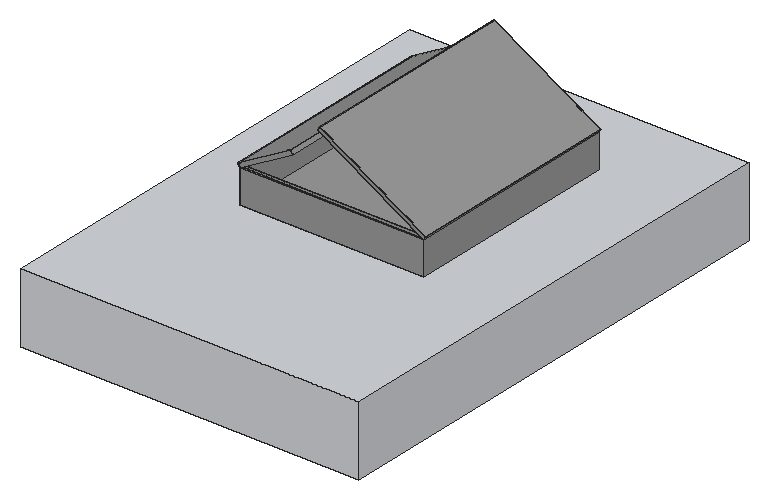
Revit family "Hager-Univers-IP44-D161-Cl.II-FWB-encl--AT-de", category Equipement électrique, Revit 2020 (continued)
Types (21, lengths in mm): name | Width Control | Thickness Door | Min Depth | Height Control | HG000010 - Asymmetrische Türen | HG000009 - Doppelflügeligen Tür | HG000004 - Herstellerreferenz | EF009554 - Anzahl der Öffnungen für Flanschplatten | EF009212 - Ausführung Deckel | EF009171 - Materialstärke Tür/Deckel | EF009170 - Materialstärke Gehäuse | EF004464 - Art der Tür | EF004427 - Anzahl der Module | EF001131 - Innentiefe | EF000437 - Anzahl der Leitungseinführungen | EF000339 - Art der Abdeckung | EF000266 - Anzahl der Reihen | EF000118 - Mit Montageplatte | EF000040 - Höhe | EF000008 - Breite | Door Height | Connector Offset
  Aufputz IP44 B550 H650 T161  - FWB42D | 550 | 1 | 3 | 650 | no | no | "FWB42D" | 4 | "EV000116 - geschlossen" | 1 | 1 | "EV000494 - ohne" | 96 | 160 | 8 | "EV004216 - Tür" | 0 | no | 650 | 550 | 650 | 325
  Aufputz IP44 B550 H800 T161  - FWB52D | 550 | 1 | 3 | 800 | no | no | "FWB52D" | 4 | "EV000116 - geschlossen" | 1 | 1 | "EV000494 - ohne" | 120 | 160 | 8 | "EV004216 - Tür" | 0 | no | 800 | 550 | 800 | 400
  Aufputz IP44 B550 H950 T161  - FWB62D | 550 | 1 | 3 | 950 | no | no | "FWB62D" | 4 | "EV000116 - geschlossen" | 1 | 1 | "EV000494 - ohne" | 144 | 160 | 8 | "EV004216 - Tür" | 0 | no | 950 | 550 | 950 | 475
  Aufputz IP44 B800 H1100 T161  - FWB73D | 800 | 1 | 3 | 1100 | yes | yes | "FWB73D" | 6 | "EV000116 - geschlossen" | 1 | 1 | "EV003602 - Doppel" | 252 | 156 | 12 | "EV004216 - Tür" | 0 | no | 1100 | 800 | 1100 | 550
  Aufputz IP44 B800 H500 T161  - FWB33D | 800 | 1 | 3 | 500 | yes | yes | "FWB33D" | 6 | "EV000116 - geschlossen" | 1 | 1 | "EV000494 - ohne" | 108 | 160 | 12 | "EV004216 - Tür" | 0 | no | 500 | 800 | 500 | 250
  Aufputz IP44 B800 H650 T161  - FWB43D | 800 | 1 | 5 | 650 | yes | yes | "FWB43D" | 6 | "EV009916 - mit Ausschnitt" | 1 | 2 | "EV000494 - ohne" | 144 | 160 | 12 | "EV004216 - Tür" | 0 | no | 650 | 800 | 650 | 325
  Aufputz IP44 B800 H800 T161  - FWB53D | 800 | 1 | 5 | 800 | yes | yes | "FWB53D" | 6 | "EV000116 - geschlossen" | 1 | 2 | "EV000494 - ohne" | 180 | 160 | 12 | "EV004216 - Tür" | 0 | no | 800 | 800 | 800 | 400
  Aufputz IP44 B800 H950 T161  - FWB63D | 800 | 1 | 3 | 950 | yes | yes | "FWB63D" | 6 | "EV000116 - geschlossen" | 1 | 1 | "EV000494 - ohne" | 216 | 156 | 12 | "EV004216 - Tür" | 0 | no | 950 | 800 | 950 | 475
